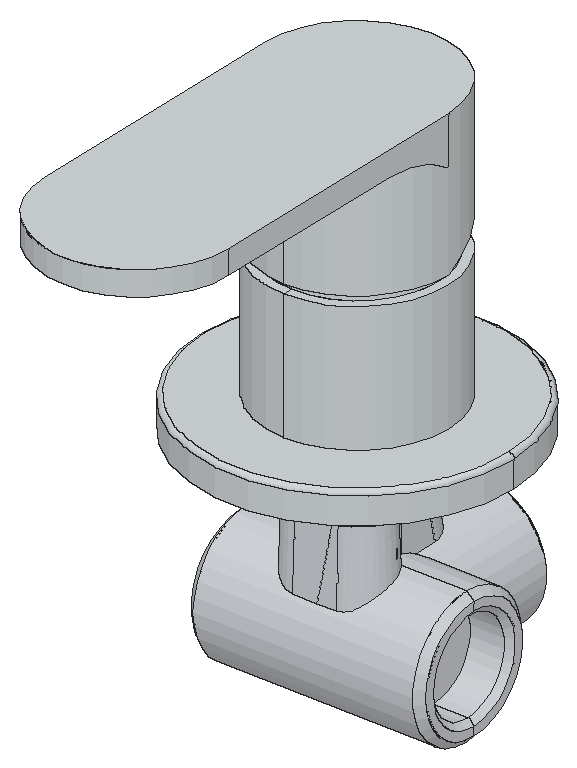
Revit family "Reece_Tap_Mizu_Soothe MK2_Shower Mixer", category Plumbing Fixtures, host Face, Revit 2018
Family settings
  Host = Face
  Round Connector Dimension = Use Diameter
  Part Type = Normal
  Cut with Voids When Loaded = No
  Shared = Yes
  Room Calculation Point = Yes
Parameters (values of type "Brushed Nickel")
  WFU = 0  # constant formula
  URL = "https://www.reece.com.au/product/-9512382"
  Type Comments = "Tap"
  Reece_Tap_Outlet = 25.00 mm  # constant formula
  Reece_Tap_Inlet = 25.00 mm  # constant formula
  Reece_Product_Web Page = "https://www.reece.com.au/product/-9512382"
  Reece_Product_Type = "Tap"  # constant formula
  Reece_Product_Sub Brand = "Soothe MK2"  # constant formula
  Reece_Product_Number = "9512382"
  Reece_Product_Mount = "Wall Mounted"  # constant formula
  Reece_Product_Description = "Mizu Soothe MK2 Shower Mixer Kit Brushed Nickel Lead Free"
  Reece_Product_Brand = "Mizu"  # constant formula
  Reece_Overall_Projection = 65.00 mm  # constant formula
  Reece_Overall_Length = 108.50 mm  # constant formula
  Reece_Material_Main = Reece_Brass_Brushed Nickel
  Reece_Detail_Installation = ""
  Reece_Detail_Disclaimer = "THIS FILE IS THE PROPERTY OF THE REECE GROUP. IT MAY NOT BE REPRODUCED, REVERSE-ENGINEERED, OR MODIFIED. ANY REPUBLICATION, TRANSMISSION, OR DISTRIBUTION FOR THE PURPOSE OF COMMERCIALLY EXPLOITING THE FILES IS PROHIBITED."  # constant formula
  Reece_Detail_Connector = ""
  Reece_Detail_Additional = "Diverter"  # constant formula
  Model = "Soothe MK2"
  Manufacturer = "Mizu"
  Keynote = "Product #9512382, Reece_Tap_Mizu_Soothe MK2_Shower Mixer - Brushed Nickel"
  HWFU = 0  # constant formula
  Disclaimer = "THIS FILE IS THE PROPERTY OF THE REECE GROUP. IT MAY NOT BE REPRODUCED, REVERSE-ENGINEERED, OR MODIFIED. ANY REPUBLICATION, TRANSMISSION, OR DISTRIBUTION FOR THE PURPOSE OF COMMERCIALLY EXPLOITING THE FILES IS PROHIBITED."  # constant formula
  Description = "Mizu Soothe MK2 Shower Mixer Kit Brushed Nickel Lead Free"
  Default Elevation = 1000.00 mm
  CWFU = 0  # constant formula
Types (6, lengths in mm): name | URL | Reece_Product_Web Page | Reece_Product_Number | Reece_Product_Description | Reece_Material_Main | Keynote | Description
  Brushed Nickel | "https://www.reece.com.au/product/-9512382" | "https://www.reece.com.au/product/-9512382" | "9512382" | "Mizu Soothe MK2 Shower Mixer Kit Brushed Nickel Lead Free" | Reece_Brass_Brushed Nickel | "Product #9512382, Reece_Tap_Mizu_Soothe MK2_Shower Mixer - Brushed Nickel" | "Mizu Soothe MK2 Shower Mixer Kit Brushed Nickel Lead Free"
  Chrome | "https://www.reece.com.au/product/-9512380" | "https://www.reece.com.au/product/-9512380" | "9512380" | "Mizu Soothe MK2 Shower Mixer Kit Chrome Lead Free" | Reece_Brass_Chrome | "Product #9512380, Reece_Tap_Mizu_Soothe MK2_Shower Mixer - Chrome" | "Mizu Soothe MK2 Shower Mixer Kit Chrome Lead Free"
  Matte Black | "https://www.reece.com.au/product/-9512381" | "https://www.reece.com.au/product/-9512381" | "9512381" | "Mizu Soothe MK2 Shower Mixer Kit Matte Black Lead Free" | Reece_Brass_Matte Black | "Product #9512381, Reece_Tap_Mizu_Soothe MK2_Shower Mixer - Matte Black" | "Mizu Soothe MK2 Shower Mixer Kit Matte Black Lead Free"
  Brushed Gunmetal | "https://www.reece.com.au/product/-9512383" | "https://www.reece.com.au/product/-9512383" | "9512383" | "Mizu Soothe MK2 Shower Mixer Kit Brushed Gunmetal Lead Free" | Reece_Brass_Brushed Gunmetal | "Product #9512383, Reece_Tap_Mizu_Soothe MK2_Shower Mixer - Brushed Gunmetal" | "Mizu Soothe MK2 Shower Mixer Kit Brushed Gunmetal Lead Free"
  Brushed Brass | "https://www.reece.com.au/product/-9512384" | "https://www.reece.com.au/product/-9512384" | "9512384" | "Mizu Soothe MK2 Shower Mixer Kit Brushed Brass Lead Free" | Reece_Brass_Brushed | "Product #9512384, Reece_Tap_Mizu_Soothe MK2_Shower Mixer - Brushed Brass" | "Mizu Soothe MK2 Shower Mixer Kit Brushed Brass Lead Free"
  Brushed Bronze | "https://www.reece.com.au/product/-2295542" | "https://www.reece.com.au/product/-2295542" | "2295542" | "Mizu Soothe MK2 Shower Mixer Kit Brushed Bronze Lead Free" | Reece_Brass_Brushed Bronze | "Product #2295542, Reece_Tap_Mizu_Soothe MK2_Shower Mixer - Brushed Bronze" | "Mizu Soothe MK2 Shower Mixer Kit Brushed Bronze Lead Free"
Reference planes
  plane 1 "Center (Front/Back)": y = 0
  plane 2: z = 0
  plane 3 "Center (Left/Right)": x = 0
  plane 4: y = 32.5
  plane 5: y = -76
  plane 6: z = 65
Forms (mm)
  Revolve 1, solid, material "Reece_Brass_Brushed Nickel" <- "Reece_Material_Main"
    sketch origin (0, 0.055, -117.916) x (0, 1, 0) y (0, 0, 1)
      loop
        line (-19, 151.059) -> (-19, 117.916) -> (0, 117.916) -> (0, 168.059)
        arc (0, 168.059) -> (-12.021, 163.08) -> (-17, 151.059) r 17
        line (-17, 151.059) -> (-19, 151.059)
      axis (0, 168.059) -> (0, 117.916)
    angle from 0 to 360
  Revolve 2, solid
    sketch origin (0, 7.086, -35) x (0, -1, 0) y (0, 0, 1)
      loop
        line (7.086, 34.7) -> (7.086, 27.3) -> (26.086, 27.3) -> (26.086, 34.7) -> (7.086, 34.7)
      axis (7.086, 34.7) -> (7.086, 27.3)
    angle from 0 to 360
  Revolve 3, solid
    sketch origin (0.142, -6.986, -36.43) x (0, 1, 0) y (0, 0, -1)
      loop
        line (8.163, -13.75) -> (38.586, -13.75) -> (40.086, -12.25) -> (40.086, -10.7) -> (38.886, -9.5) -> (32.645, -9.5) -> (32.645, 0) -> (8.163, 0) -> (8.163, -13.75)
      axis (8.163, 0) -> (40.086, 0)
    angle from 0 to 360
  Revolve 4, solid
    sketch origin (-58.723, 0, -1.289) x (1, 0, 0) y (0, 0, 1)
      loop
        line (35.947, -49) -> (81.5, -49) -> (83, -47.5) -> (83, -45.7) -> (81.8, -44.5) -> (74.51, -44.5) -> (74.51, -35) -> (42.866, -35) -> (42.866, -44.5) -> (35.647, -44.5) -> (34.447, -45.7) -> (34.447, -47.5) -> (35.947, -49)
      axis (83, -35) -> (34.447, -35)
    angle from 0 to 360
  Revolve 5, void
    sketch origin (0, 0, 0) x (1, 0, 0) y (0, 0, 1)
      loop
        line (0, 6.5) -> (0, -53.5) -> (19, -53.5) -> (19, 6.5) -> (0, 6.5)
      axis (0, 6.5) -> (0, -53.5)
    angle from 0 to 360
  SweptBlend 6, solid
    path origin (0, 0, 0) x (0, 1, 0) y (0, 0, 1)
      loop
        line (-11.126, -30.592) -> (-11.126, -5.625)
    profile origin (0, -11.126, -30.592) x (0, -1, 0) y (1, 0, 0)
      loop
        line (0, 0) -> (0, 4.516)
        arc (0, 4.516) -> (-4.808, 10.868) -> (-12.227, 7.964) r 6.6
        arc (-12.227, 7.964) -> (-13.319, 6.914) -> (-14.785, 6.532) r 3
        line (-14.785, 6.532) -> (-24.322, 6.532)
        arc (-24.322, 6.532) -> (-30.854, 0) -> (-24.322, -6.532) r 6.532
        line (-24.322, -6.532) -> (-14.785, -6.532)
        arc (-14.785, -6.532) -> (-13.319, -6.914) -> (-12.227, -7.964) r 3
        arc (-12.227, -7.964) -> (-4.808, -10.868) -> (0, -4.516) r 6.6
        line (0, -4.516) -> (0, 0)
    end profile origin (0, -11.126, -5.625) x (0, -1, 0) y (1, 0, 0)
      loop
        arc (-19.416, 6.309) -> (-25.724, 0) -> (-19.416, -6.309) r 6.309
        line (-19.416, -6.309) -> (-13.92, -6.309)
        arc (-13.92, -6.309) -> (-12.496, -6.667) -> (-11.413, -7.658) r 3.004
        arc (-11.413, -7.658) -> (-4.978, -9.992) -> (-0.892, -4.5) r 5.734
        line (-0.892, -4.5) -> (-0.892, 4.5)
        arc (-0.892, 4.5) -> (-4.978, 9.992) -> (-11.413, 7.658) r 5.734
        arc (-11.413, 7.658) -> (-12.497, 6.667) -> (-13.921, 6.309) r 3.004
        line (-13.921, 6.309) -> (-19.416, 6.309)
  Sweep 7, solid, material "Reece_Brass_Brushed Nickel" <- "Reece_Material_Main"
    path origin (0, -11.126, 0) x (0, -1, 0) y (1, 0, 0)
      loop
        circle (-11.126, 0) r 32.5
    profile origin (0, 32.5, 0) x (0, -1, 0) y (0, 0, 1)
      loop
        line (0, 0) -> (3.455, 0) -> (3.455, 6.5) -> (1, 6.5)
        arc (1, 6.5) -> (0.293, 6.207) -> (0, 5.5) r 1
        line (0, 5.5) -> (0, 0)
  Extrusion 8, solid, material "Reece_Brass_Brushed Nickel" <- "Reece_Material_Main"
    sketch origin (0, 0, 0) x (1, 0, 0) y (0, 1, 0)
      loop
        circle (0, 0) r 29.045
    from 0 to 6.5
  Revolve 9, solid, material "Reece_Brass_Brushed Nickel" <- "Reece_Material_Main"
    sketch origin (0, -270.056, -0.7) x (0, 1, 0) y (0, 0, 1)
      loop
        line (270.056, 35.843) -> (270.056, 65.7) -> (251.056, 65.7) -> (251.056, 35.843) -> (270.056, 35.843)
      axis (270.056, 35.843) -> (270.056, 65.7)
    angle from 0 to 360
  Extrusion 10, solid, material "Reece_Brass_Brushed Nickel" <- "Reece_Material_Main"
    sketch origin (271.768, -35.207, 60) x (1, 0, 0) y (0, 1, 0)
      loop
        line (-252.768, -21.793) -> (-252.768, 35.207) -> (-290.768, 35.207) -> (-290.768, -21.793)
        arc (-290.768, -21.793) -> (-271.768, -40.793) -> (-252.768, -21.793) r 19
    from -5 to 5
  Extrusion 11, void
    sketch origin (0, 0, -0.7) x (0, 1, 0) y (0, 0, 1)
      loop
        line (-76.5, 60.7) -> (-76.5, 55.7) -> (0, 55.7)
        arc (0, 55.7) -> (-7.407, 59.419) -> (-15.595, 60.7) r 26.82
        line (-15.595, 60.7) -> (-76.5, 60.7)
    from -19 to 19
  Extrusion 12, void
    sketch origin (0, -10.109, 30.64) x (0, -0.91357, -0.406681) y (0, -0.406681, 0.91357)
      loop
        line (-4.065, 0) -> (-39.065, 0) -> (-39.065, -11.758) -> (-4.065, -11.758) -> (-4.065, 0)
    from -24.656 to 20.799
  Revolve 13, solid, material "Reece_Brass_Brushed Nickel" <- "Reece_Material_Main"
    sketch origin (0, -0.533, -105.361) x (0, 1, 0) y (0, 0, 1)
      loop
        line (-16.639, 153.504) -> (-16.639, 156.67) -> (-18.745, 156.67)
        arc (-18.745, 156.67) -> (-19.13, 156.511) -> (-19.289, 156.126) r 0.544
        line (-19.289, 156.126) -> (-19.289, 153.504) -> (-16.639, 153.504)
      axis (-16.639, 153.504) -> (-19.289, 153.504)
    angle from 0 to 360
Cuts and joins
  joined: Revolve 2, Revolve 3, Revolve 4, SweptBlend 6
  Extrusion 12 cuts Revolve 9
  Extrusion 11, Extrusion 12 cuts Extrusion 10
  joined: Revolve 1, Sweep 7, Extrusion 8, Revolve 9, Extrusion 10, Revolve 13
Text (mm)
  text "Reece ©" at (-500.21, -168.669, 0), in view "Ref. Level"
  text "Reece ©" at (34.197, 169.242, 112.824), in view "Reece Preview"
Dimensions and locks
  Revolve 1 sketch curve to Revolve 1 sketch curve = 19.00 mm
  "Reece_Overall_Projection": plane 6 to host face
  "Reece_Overall_Length": plane 4 to plane 5
  aligned and locked: plane 2 to host face
  aligned and locked: level to host face
Automatic sketch dimensions
  host sketch curve to host sketch curve = 244.45 mm
  host sketch curve to host sketch curve = 246.302 mm
  Revolve 1 sketch curve to level = 0.00 mm
  plane 1 "Center (Front/Back)" to Revolve 1 sketch curve = 18.945 mm
  Revolve 1 sketch curve to Revolve 1 sketch curve = 2.00 mm
  Revolve 1 sketch curve to plane 1 "Center (Front/Back)" = 0.055 mm  (x2)
  Revolve 1 sketch curve to plane 6 = 31.857 mm
  Revolve 1 sketch curve to level = 458.726 mm
  plane 6 to Revolve 1 sketch curve = 2261.433 mm
  Revolve 2 sketch curve to plane 1 "Center (Front/Back)" = 0.00 mm  (x2)
  Revolve 2 sketch curve to level = 7.70 mm
  plane 1 "Center (Front/Back)" to Revolve 2 sketch curve = 19.00 mm
  Revolve 2 sketch curve to level = 0.30 mm
  level to Revolve 2 sketch curve = 30.00 mm
  Revolve 2 sketch curve to Revolve 2 sketch curve = 10.00 mm
  Revolve 3 sketch curve to plane 1 "Center (Front/Back)" = 1.178 mm
  Revolve 3 sketch curve to plane 4 = 6.841 mm
  Revolve 3 sketch curve to plane 4 = 0.90 mm
  Revolve 3 sketch curve to plane 4 = 0.60 mm
  plane 4 to Revolve 3 sketch curve = 0.60 mm
  Revolve 3 sketch curve to level = 22.68 mm
  Revolve 3 sketch curve to Revolve 3 sketch curve = 1.50 mm
  Revolve 3 sketch curve to Revolve 3 sketch curve = 1.55 mm
  Revolve 3 sketch curve to Revolve 3 sketch curve = 4.25 mm
  Revolve 3 sketch curve to Revolve 3 sketch curve = 9.50 mm
  plane 1 "Center (Front/Back)" to Revolve 3 sketch curve = 6.986 mm
  plane 4 to Revolve 3 sketch curve = 0.514 mm
  Revolve 3 sketch curve to Revolve 3 sketch curve = 0.00 mm
  Revolve 4 sketch curve to plane 3 "Center (Left/Right)" = 24.277 mm
  Revolve 4 sketch curve to Revolve 4 sketch curve = 1.20 mm  (x2)
  Revolve 4 sketch curve to Revolve 4 sketch curve = 1.50 mm  (x4)
  Revolve 4 sketch curve to Revolve 4 sketch curve = 7.219 mm
  plane 3 "Center (Left/Right)" to Revolve 4 sketch curve = 15.787 mm
  Revolve 4 sketch curve to Revolve 4 sketch curve = 6.99 mm
  Revolve 4 sketch curve to Revolve 4 sketch curve = 0.30 mm
  Revolve 4 sketch curve to level = 50.289 mm
  Revolve 4 sketch curve to Revolve 4 sketch curve = 0.00 mm
  Revolve 4 sketch curve to Revolve 4 sketch curve = 1.80 mm  (x2)
  Revolve 4 sketch curve to Revolve 4 sketch curve = 4.50 mm
  Revolve 4 sketch curve to Revolve 4 sketch curve = 9.50 mm
  Revolve 4 sketch curve to plane 3 "Center (Left/Right)" = 3.061 mm
  Revolve 4 sketch curve to Revolve 4 sketch curve = 25.491 mm
  Revolve 4 sketch curve to Revolve 4 sketch curve = 10.70 mm
  Revolve 5 sketch curve to plane 3 "Center (Left/Right)" = 0.00 mm  (x2)
  level to Revolve 5 sketch curve = 6.50 mm
  plane 3 "Center (Left/Right)" to Revolve 5 sketch curve = 19.00 mm
  Revolve 5 sketch curve to level = 53.50 mm
  Revolve 5 sketch curve to Revolve 5 sketch curve = 30.501 mm
  Revolve 5 sketch curve to Revolve 5 sketch curve = 11.979 mm
  plane 1 "Center (Front/Back)" to SweptBlend 6 sketch curve = 11.126 mm
  SweptBlend 6 sketch curve to level = 30.592 mm
  SweptBlend 6 sketch curve to level = 5.625 mm
  SweptBlend 6 sketch curve to plane 3 "Center (Left/Right)" = 0.00 mm  (x2)
  profile plane to SweptBlend 6 sketch curve = 24.322 mm
  SweptBlend 6 sketch curve to SweptBlend 6 sketch curve = 9.537 mm  (x2)
  profile plane to SweptBlend 6 sketch curve = 6.60 mm  (x2)
  profile plane to SweptBlend 6 sketch curve = 0.00 mm
  SweptBlend 6 sketch curve to plane 3 "Center (Left/Right)" = 4.516 mm
  SweptBlend 6 sketch curve to plane 3 "Center (Left/Right)" = 6.532 mm
  SweptBlend 6 sketch curve to SweptBlend 6 sketch curve = 3.00 mm  (x2)
  plane 3 "Center (Left/Right)" to SweptBlend 6 sketch curve = 4.516 mm
  plane 3 "Center (Left/Right)" to SweptBlend 6 sketch curve = 6.309 mm
  profile plane to SweptBlend 6 sketch curve = 19.416 mm
  SweptBlend 6 sketch curve to SweptBlend 6 sketch curve = 0.00 mm  (x2)
  SweptBlend 6 sketch curve to SweptBlend 6 sketch curve = 5.495 mm
  SweptBlend 6 sketch curve to SweptBlend 6 sketch curve = 0.001 mm
  SweptBlend 6 sketch curve to SweptBlend 6 sketch curve = 5.496 mm
  plane 3 "Center (Left/Right)" to SweptBlend 6 sketch curve = 4.50 mm  (x2)
  profile plane to SweptBlend 6 sketch curve = 6.626 mm  (x2)
  SweptBlend 6 sketch curve to plane 3 "Center (Left/Right)" = 4.50 mm  (x2)
  profile plane to SweptBlend 6 sketch curve = 0.892 mm
  SweptBlend 6 sketch curve to plane 3 "Center (Left/Right)" = 6.309 mm
  SweptBlend 6 sketch curve to SweptBlend 6 sketch curve = 2.508 mm
  SweptBlend 6 sketch curve to SweptBlend 6 sketch curve = 2.507 mm
  plane 1 "Center (Front/Back)" to Sweep 7 sketch curve = 0.00 mm
  Sweep 7 sketch curve to plane 3 "Center (Left/Right)" = 0.00 mm
  Sweep 7 sketch curve to profile plane = 0.00 mm  (x2)
  Sweep 7 sketch curve to Sweep 7 sketch curve = 1.00 mm
  Sweep 7 sketch curve to Sweep 7 sketch curve = 2.455 mm
  profile plane to Sweep 7 sketch curve = 5.50 mm
  Extrusion 8 sketch curve to Extrusion 8 sketch curve = 0.00 mm  (x2)
  plane 1 "Center (Front/Back)" to Extrusion 8 sketch curve = 0.00 mm
  Extrusion 8 sketch curve to plane 3 "Center (Left/Right)" = 0.00 mm
  Extrusion 8 sketch curve to Extrusion 8 sketch curve = 29.045 mm
  plane 6 to Revolve 9 sketch curve = 0.00 mm
  Revolve 9 sketch curve to plane 1 "Center (Front/Back)" = 0.00 mm  (x2)
  plane 1 "Center (Front/Back)" to Revolve 9 sketch curve = 19.00 mm
  Revolve 9 sketch curve to plane 6 = 29.857 mm
  Revolve 9 sketch curve to Revolve 9 sketch curve = 17.391 mm
  Revolve 9 sketch curve to Revolve 9 sketch curve = 12.753 mm
  plane 1 "Center (Front/Back)" to Extrusion 10 sketch curve = 0.00 mm
  Extrusion 10 sketch curve to plane 3 "Center (Left/Right)" = 0.00 mm
  Extrusion 10 sketch curve to plane 3 "Center (Left/Right)" = 19.00 mm
  plane 5 to Extrusion 10 sketch curve = 19.00 mm
  Extrusion 11 sketch curve to plane 1 "Center (Front/Back)" = 0.00 mm
  Extrusion 11 sketch curve to plane 6 = 5.00 mm
  plane 1 "Center (Front/Back)" to Extrusion 11 sketch curve = 15.595 mm
  Extrusion 11 sketch curve to plane 5 = 0.50 mm
  Extrusion 11 sketch curve to Extrusion 11 sketch curve = 5.00 mm
  Extrusion 12 sketch curve to plane 4 = 6.92 mm
  Extrusion 12 sketch curve to plane 6 = 18.473 mm
  Extrusion 12 sketch curve to Extrusion 12 sketch curve = 35.00 mm
  Extrusion 12 sketch curve to Extrusion 12 sketch curve = 11.758 mm
  plane 1 "Center (Front/Back)" to Revolve 13 sketch curve = 19.822 mm
  Revolve 13 sketch curve to Revolve 13 sketch curve = 0.544 mm
  Revolve 13 sketch curve to Revolve 13 sketch curve = 2.106 mm
  Revolve 13 sketch curve to plane 6 = 16.857 mm
  Revolve 13 sketch curve to Revolve 13 sketch curve = 2.622 mm
  Revolve 13 sketch curve to Revolve 13 sketch curve = 1.396 mm
  Revolve 13 sketch curve to Revolve 13 sketch curve = 1.154 mm
  Revolve 13 sketch curve to Revolve 13 sketch curve = 0.00 mm
  radius of Sweep 7 sketch curve = 32.50 mm
Connectors
  piping at (0.142, 25.659, -36.43), diameter 25, driven by "Reece_Tap_Outlet"
    settings: on cut or joined group of Revolve 2, Revolve 3, Revolve 4, SweptBlend 6, index 1, connector inside diameter 609.6 mm, connector length 0.00 mm, flow factor 0, pipe flow 0.0 L/s, pressure drop 0.0 Pa, fitting loss kfactor 0, connector angle 0.00°, fixture units 0, engagement length 0.00 mm, angle of deflection 0.00°, flow configuration 0, flow direction 2, fitting loss method 0, system type 29, joint type 0, gender type 0, connector reference index -1, connector utility 0, adjustable connector no, is connector primary yes, connector description ""
  piping at (-15.857, 0, -36.289), diameter 25, driven by "Reece_Tap_Inlet"
    settings: on cut or joined group of Revolve 2, Revolve 3, Revolve 4, SweptBlend 6, index 2, connector inside diameter 609.6 mm, connector length 0.00 mm, flow factor 0, pipe flow 0.0 L/s, pressure drop 0.0 Pa, fitting loss kfactor 0, connector angle 0.00°, fixture units 0, engagement length 0.00 mm, angle of deflection 0.00°, flow configuration 0, flow direction 1, fitting loss method 0, system type 29, joint type 0, gender type 0, connector reference index -1, connector utility 0, adjustable connector no, is connector primary no, connector description ""
  piping at (15.787, 0, -36.289), diameter 25, driven by "Reece_Tap_Inlet"
    settings: on cut or joined group of Revolve 2, Revolve 3, Revolve 4, SweptBlend 6, index 3, connector inside diameter 609.6 mm, connector length 0.00 mm, flow factor 0, pipe flow 0.0 L/s, pressure drop 0.0 Pa, fitting loss kfactor 0, connector angle 0.00°, fixture units 0, engagement length 0.00 mm, angle of deflection 0.00°, flow configuration 0, flow direction 1, fitting loss method 0, system type 29, joint type 0, gender type 0, connector reference index -1, connector utility 0, adjustable connector no, is connector primary no, connector description ""
